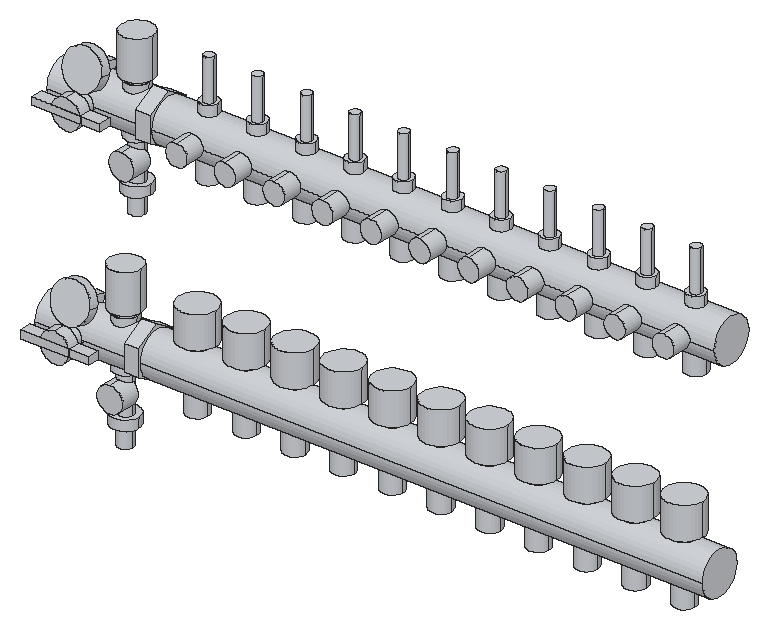
Revit family "318_f16c880827e94962872f661bd91b45", category Pipe Accessories, Revit 2017
Family settings
  Round Connector Dimension = Use Diameter
  Part Type = Valve - Normal
  Work Plane-Based = No
  Always vertical = Yes
  Cut with Voids When Loaded = No
  Shared = No
Parameters (values of type "R553FK111")
  magi_piping_qv_2_9 [instance] = 0.0 L/s
  magi_piping_qv_2_8 [instance] = 0.0 L/s
  magi_piping_qv_2_7 [instance] = 0.0 L/s
  magi_piping_qv_2_6 [instance] = 0.0 L/s
  magi_piping_qv_2_5 [instance] = 0.0 L/s
  magi_piping_qv_2_4 [instance] = 0.0 L/s
  magi_piping_qv_2_3 [instance] = 0.0 L/s
  magi_piping_qv_2_2 [instance] = 0.0 L/s
  magi_piping_qv_2_11 [instance] = 0.0 L/s
  magi_piping_qv_2_10 [instance] = 0.0 L/s
  magi_piping_qv_2_1 [instance] = 0.0 L/s
  magi_piping_qv_1_9 [instance] = 0.0 L/s
  magi_piping_qv_1_8 [instance] = 0.0 L/s
  magi_piping_qv_1_7 [instance] = 0.0 L/s
  magi_piping_qv_1_6 [instance] = 0.0 L/s
  magi_piping_qv_1_5 [instance] = 0.0 L/s
  magi_piping_qv_1_4 [instance] = 0.0 L/s
  magi_piping_qv_1_3 [instance] = 0.0 L/s
  magi_piping_qv_1_2 [instance] = 0.0 L/s
  magi_piping_qv_1_11 [instance] = 0.0 L/s
  magi_piping_qv_1_10 [instance] = 0.0 L/s
  magi_piping_qv_1_1 [instance] = 0.0 L/s
  magi_piping_qv [instance] = 0.0 L/s
  magi_piping_power_9 [instance] = 0 W
  magi_piping_power_8 [instance] = 0 W
  magi_piping_power_7 [instance] = 0 W
  magi_piping_power_6 [instance] = 0 W
  magi_piping_power_5 [instance] = 0 W
  magi_piping_power_4 [instance] = 0 W
  magi_piping_power_3 [instance] = 0 W
  magi_piping_power_2 [instance] = 0 W
  magi_piping_power_11 [instance] = 0 W
  magi_piping_power_10 [instance] = 0 W
  magi_piping_power_1 [instance] = 0 W
  magi_piping_kv_9 [instance] = 0
  magi_piping_kv_8 [instance] = 0
  magi_piping_kv_7 [instance] = 0
  magi_piping_kv_6 [instance] = 0
  magi_piping_kv_5 [instance] = 0
  magi_piping_kv_4 [instance] = 0
  magi_piping_kv_3 [instance] = 0
  magi_piping_kv_2 [instance] = 0
  magi_piping_kv_11 [instance] = 0
  magi_piping_kv_10 [instance] = 0
  magi_piping_kv_1 [instance] = 0
  magi_piping_dpTot_9 [instance] = 0.0 Pa
  magi_piping_dpTot_8 [instance] = 0.0 Pa
  magi_piping_dpTot_7 [instance] = 0.0 Pa
  magi_piping_dpTot_6 [instance] = 0.0 Pa
  magi_piping_dpTot_5 [instance] = 0.0 Pa
  magi_piping_dpTot_4 [instance] = 0.0 Pa
  magi_piping_dpTot_3 [instance] = 0.0 Pa
  magi_piping_dpTot_2 [instance] = 0.0 Pa
  magi_piping_dpTot_11 [instance] = 0.0 Pa
  magi_piping_dpTot_10 [instance] = 0.0 Pa
  magi_piping_dpTot_1 [instance] = 0.0 Pa
  magi_adjustmentValue_9 [instance] = ""
  magi_adjustmentValue_8 [instance] = ""
  magi_adjustmentValue_7 [instance] = ""
  magi_adjustmentValue_6 [instance] = ""
  magi_adjustmentValue_5 [instance] = ""
  magi_adjustmentValue_4 [instance] = ""
  magi_adjustmentValue_3 [instance] = ""
  magi_adjustmentValue_2 [instance] = ""
  magi_adjustmentValue_11 [instance] = ""
  magi_adjustmentValue_10 [instance] = ""
  magi_adjustmentValue_1 [instance] = ""
  magiProductId = "f16c880827e94962872f661bd91b45"
  magiProductFamilyId = "f16c880827e94962872f661bd91b45"
  magiProductCode = "R553FK111"
  magiPartTypeId = 318
  Y = 15 mm
  VersionID = "2.0/2016.10.37.0/GIACOMINI_R553FK_001"
  URL = "http://www.giacomini.com/en"
  SMP = 25 mm
  SBP9 = 18 mm
  SBP8 = 18 mm
  SBP7 = 18 mm
  SBP6 = 18 mm
  SBP5 = 18 mm
  SBP4 = 18 mm
  SBP3 = 18 mm
  SBP2 = 18 mm
  SBP12 = 18 mm
  SBP11 = 18 mm
  SBP10 = 18 mm
  SBP1 = 18 mm
  RMP = 25 mm
  RBP9 = 18 mm
  RBP8 = 18 mm
  RBP7 = 18 mm
  RBP6 = 18 mm
  RBP5 = 18 mm
  RBP4 = 18 mm
  RBP3 = 18 mm
  RBP2 = 18 mm
  RBP12 = 18 mm
  RBP11 = 18 mm
  RBP10 = 18 mm
  RBP1 = 18 mm
  R2 = 22 mm
  QmdConnectorList = "321;SMP;322;SBP1;323;SBP2;324;SBP3;325;SBP4;326;SBP5;327;SBP6;328;SBP7;329;SBP8;330;SBP9;331;SBP10;332;SBP11;351;RMP;352;RBP1;353;RBP2;354;RBP3;355;RBP4;356;RBP5;357;RBP6;358;RBP7;359;RBP8;360;RBP9;361;RBP10;362;RBP11"
  Productdata [instance] = "© Progman Oy, all rights reserved"
  N9 = yes
  N8 = yes
  N7 = yes
  N6 = yes
  N5 = yes
  N4 = yes
  N3 = yes
  N12 = no
  N11 = yes
  N10 = yes
  Manufacturer = "Giacomini"
  MC_Default_elevation = 0 mm
  L = 685 mm
  I = 50 mm
  H5 = 33 mm
  H4 = 5 mm
  H3__ve = -H3  # -40 mm
  H3 = 40 mm
  H2__ve = -H2  # -20 mm
  H2 = 20 mm
  H12 = 42 mm
  H11 = 10 mm
  Flow supply main [instance] = Flow supply 1 + Flow supply 2 + Flow supply 3 + Flow supply 4 + Flow supply 5 + Flow supply 6 + Flow supply 7 + Flow supply 8 + Flow supply 9 + Flow supply 10 + Flow supply 11  # 0.0 L/s
  Flow supply 9 [instance] = 0.0 L/s
  Flow supply 8 [instance] = 0.0 L/s
  Flow supply 7 [instance] = 0.0 L/s
  Flow supply 6 [instance] = 0.0 L/s
  Flow supply 5 [instance] = 0.0 L/s
  Flow supply 4 [instance] = 0.0 L/s
  Flow supply 3 [instance] = 0.0 L/s
  Flow supply 2 [instance] = 0.0 L/s
  Flow supply 11 [instance] = 0.0 L/s
  Flow supply 10 [instance] = 0.0 L/s
  Flow supply 1 [instance] = 0.0 L/s
  Flow return main [instance] = Flow return 1 + Flow return 2 + Flow return 3 + Flow return 4 + Flow return 5 + Flow return 6 + Flow return 7 + Flow return 8 + Flow return 9 + Flow return 10 + Flow return 11  # 0.0 L/s
  Flow return 9 [instance] = 0.0 L/s
  Flow return 8 [instance] = 0.0 L/s
  Flow return 7 [instance] = 0.0 L/s
  Flow return 6 [instance] = 0.0 L/s
  Flow return 5 [instance] = 0.0 L/s
  Flow return 4 [instance] = 0.0 L/s
  Flow return 3 [instance] = 0.0 L/s
  Flow return 2 [instance] = 0.0 L/s
  Flow return 11 [instance] = 0.0 L/s
  Flow return 10 [instance] = 0.0 L/s
  Flow return 1 [instance] = 0.0 L/s
  E = 208 mm
  Description = "PREASSEMBLED MANIFOLD KIT WITH FLOW METERS"
  D5 = 38 mm
  D4 = 22 mm
  D32 = 10 mm
  D31 = 18 mm
  D2 = 44 mm
  CAT0 = yes
  A = 149 mm
Reference planes
  plane 1 "Center (Front/Back)": y = 0
  plane 2 "XYPLANE": z = 0
  plane 3 "Center (Left/Right)": x = 0
  plane 4 "INIT_TEMP": y = 100
  plane 5 "414": y = -48
  plane 6 "413": z = -178
  plane 7 "412": y = -30
  plane 8 "411": z = -178
  plane 9 "410": z = -274
  plane 10 "409": z = -254
  plane 11 "408": z = -234
  plane 12 "407": z = -177
  plane 13 "406": z = -182
  plane 14 "405": y = -15
  plane 15 "404": z = 30
  plane 16 "403": y = -33
  plane 17 "402": x = 38
  plane 18 "401": z = 30
  plane 19 "400": z = -66
  plane 20 "399": z = -46
  plane 21 "398": z = -26
  plane 22 "397": z = 31
  plane 23 "396": x = 92
  plane 24 "395": z = 26
  plane 25 "394": x = 75
  plane 26 "393": z = -248
  plane 27 "392": z = -181
  plane 28 "391": z = -186
  plane 29 "390": z = -40
  plane 30 "389": x = 0
  plane 31 "388": y = 0
  plane 32 "387": y = -15
  plane 33 "386": z = -208
  plane 34 "385": z = 0
  plane 35 "384": z = 22
  plane 36 "383": x = 149
  plane 37 "382": x = 199
  plane 38 "381": y = -22
  plane 39 "380": x = 249
  plane 40 "379": z = 32
  plane 41 "378": x = 299
  plane 42 "377": x = 349
  plane 43 "376": x = 399
  plane 44 "375": x = 449
  plane 45 "374": x = 499
  plane 46 "373": x = 549
  plane 47 "372": x = 599
  plane 48 "371": x = 649
  plane 49 "370": x = 699
  plane 50 "1126": through (-712, -15, -178) normal (0, -0.2588, -0.9659)
  plane 51 "1127": through (-712, -30, -178) normal (0, 0.9659, -0.2588)
  plane 52 "1128": through (-712, -15, 30) normal (0, -0.9659, 0.2588)
  plane 53 "1129": through (-712, 0, 30) normal (0, 0.2588, 0.9659)
Forms (mm)
  Extrusion 1, solid
    sketch origin (750, -48, 0) x (-1, 0, 0) y (0, 0, 1)
      loop
        circle (712, -208) r 15
    from 0 to -12
  Extrusion 2, solid
    sketch origin (-712, -15, -178) x (1, 0, 0) y (0, -0.965926, 0.258819)
      loop
        line (746, -15) -> (754, -15) -> (754, 15) -> (746, 15) -> (746, -15)
    from 0 to 18
  Extrusion 3, solid
    sketch origin (750, -15, 0) x (-1, 0, 0) y (0, 0, 1)
      loop
        circle (712, -208) r 9
    from 0 to -33
  Extrusion 4, solid
    sketch origin (750, -48, 0) x (-1, 0, 0) y (0, 0, 1)
      loop
        line (677, -204) -> (677, -212) -> (747, -212) -> (747, -204) -> (677, -204)
    from 0 to -12
  Extrusion 5, solid
    sketch origin (-712, -30, -178) x (1, 0, 0) y (0, -0.258819, -0.965926)
      loop
        circle (750, 0) r 20
    from 0 to -10
  Extrusion 6, solid
    sketch origin (-750, 0, -182) x (1, 0, 0) y (0, 1, 0)
      loop
        circle (825, -15) r 12
    from 0 to -52
  Extrusion 7, solid
    sketch origin (92, -750, 0) x (0, 1, 0) y (0, 0, 1)
      loop
        line (735, -182) -> (712.483, -195) -> (712.483, -221) -> (735, -234) -> (757.517, -221) -> (757.517, -195) -> (735, -182)
    from 0 to 15
  Extrusion 8, solid
    sketch origin (-750, 0, -182) x (1, 0, 0) y (0, 1, 0)
      loop
        circle (825, -15) r 10
    from 0 to 5
  Extrusion 9, solid
    sketch origin (-750, 0, -177) x (1, 0, 0) y (0, 1, 0)
      loop
        circle (825, -15) r 16
    from 0 to 40
  Extrusion 10, solid
    sketch origin (-750, 0, -234) x (1, 0, 0) y (0, 1, 0)
      loop
        circle (825, -15) r 7.5
    from 0 to -70
  Extrusion 11, solid
    sketch origin (750, -15, 0) x (-1, 0, 0) y (0, 0, 1)
      loop
        circle (675, -254) r 13
    from 0 to -20
  Extrusion 12, solid
    sketch origin (-750, 0, -274) x (1, 0, 0) y (0, 1, 0)
      loop
        circle (825, -15) r 14
    from 0 to -10
  Extrusion 13, solid
    sketch origin (-712, -15, 30) x (1, 0, 0) y (0, 0.258819, 0.965926)
      loop
        circle (750, 0) r 20
    from 0 to 10
  Extrusion 14, solid
    sketch origin (750, -33, 0) x (-1, 0, 0) y (0, 0, 1)
      loop
        line (677, 4) -> (677, -4) -> (747, -4) -> (747, 4) -> (677, 4)
    from 0 to -12
  Extrusion 15, solid
    sketch origin (750, 0, 0) x (-1, 0, 0) y (0, 0, 1)
      loop
        circle (712, 0) r 9
    from 0 to -33
  Extrusion 16, solid
    sketch origin (-712, 0, 30) x (1, 0, 0) y (0, 0.965926, -0.258819)
      loop
        line (746, 15) -> (746, -15) -> (754, -15) -> (754, 15) -> (746, 15)
    from 0 to -18
  Extrusion 17, solid
    sketch origin (750, -33, 0) x (-1, 0, 0) y (0, 0, 1)
      loop
        circle (712, 0) r 15
    from 0 to -12
  Extrusion 18, solid
    sketch origin (-750, 0, -66) x (1, 0, 0) y (0, 1, 0)
      loop
        circle (825, 0) r 14
    from 0 to -10
  Extrusion 19, solid
    sketch origin (750, 0, 0) x (-1, 0, 0) y (0, 0, 1)
      loop
        circle (675, -46) r 13
    from 0 to -20
  Extrusion 20, solid
    sketch origin (-750, 0, -26) x (1, 0, 0) y (0, 1, 0)
      loop
        circle (825, 0) r 7.5
    from 0 to -70
  Extrusion 21, solid
    sketch origin (-750, 0, 31) x (1, 0, 0) y (0, 1, 0)
      loop
        circle (825, 0) r 16
    from 0 to 40
  Extrusion 22, solid
    sketch origin (-750, 0, 26) x (1, 0, 0) y (0, 1, 0)
      loop
        circle (825, 0) r 10
    from 0 to 5
  Extrusion 23, solid
    sketch origin (92, -750, 0) x (0, 1, 0) y (0, 0, 1)
      loop
        line (750, 26) -> (727.483, 13) -> (727.483, -13) -> (750, -26) -> (772.517, -13) -> (772.517, 13) -> (750, 26)
    from 0 to 15
  Extrusion 24, solid
    sketch origin (-750, 0, 26) x (1, 0, 0) y (0, 1, 0)
      loop
        circle (825, 0) r 12
    from 0 to -52
  Extrusion 25, solid, visible <- "N10"
    sketch origin (-750, 0, -208) x (1, 0, 0) y (0, 1, 0)
      loop
        circle (1349, -15) r 11
    from 0 to -40 <- "H3__ve"
  Extrusion 26, solid, visible <- "N10"
    sketch origin (-750, 0, -186) x (1, 0, 0) y (0, 1, 0)
      loop
        circle (1349, -15) r 11
    from 0 to 5 <- "H4"
  Extrusion 27, solid, visible <- "N10"
    sketch origin (-750, 0, -181) x (1, 0, 0) y (0, 1, 0)
      loop
        circle (1349, -15) r 19
    from 0 to 33 <- "H5"
  Extrusion 28, solid, visible <- "N12"
    sketch origin (-750, 0, -181) x (1, 0, 0) y (0, 1, 0)
      loop
        circle (1449, -15) r 19
    from 0 to 33 <- "H5"
  Extrusion 29, solid, visible <- "N12"
    sketch origin (-750, 0, -186) x (1, 0, 0) y (0, 1, 0)
      loop
        circle (1449, -15) r 11
    from 0 to 5 <- "H4"
  Extrusion 30, solid, visible <- "N12"
    sketch origin (-750, 0, -208) x (1, 0, 0) y (0, 1, 0)
      loop
        circle (1449, -15) r 11
    from 0 to -40 <- "H3__ve"
  Extrusion 31, solid, visible <- "N11"
    sketch origin (-750, 0, -208) x (1, 0, 0) y (0, 1, 0)
      loop
        circle (1399, -15) r 11
    from 0 to -40 <- "H3__ve"
  Extrusion 32, solid, visible <- "N11"
    sketch origin (-750, 0, -186) x (1, 0, 0) y (0, 1, 0)
      loop
        circle (1399, -15) r 11
    from 0 to 5 <- "H4"
  Extrusion 33, solid, visible <- "N11"
    sketch origin (-750, 0, -181) x (1, 0, 0) y (0, 1, 0)
      loop
        circle (1399, -15) r 19
    from 0 to 33 <- "H5"
  Extrusion 34, solid, visible <- "N8"
    sketch origin (-750, 0, -181) x (1, 0, 0) y (0, 1, 0)
      loop
        circle (1249, -15) r 19
    from 0 to 33 <- "H5"
  Extrusion 35, solid, visible <- "N8"
    sketch origin (-750, 0, -186) x (1, 0, 0) y (0, 1, 0)
      loop
        circle (1249, -15) r 11
    from 0 to 5 <- "H4"
  Extrusion 36, solid, visible <- "N8"
    sketch origin (-750, 0, -208) x (1, 0, 0) y (0, 1, 0)
      loop
        circle (1249, -15) r 11
    from 0 to -40 <- "H3__ve"
  Extrusion 37, solid, visible <- "N9"
    sketch origin (-750, 0, -208) x (1, 0, 0) y (0, 1, 0)
      loop
        circle (1299, -15) r 11
    from 0 to -40 <- "H3__ve"
  Extrusion 38, solid, visible <- "N9"
    sketch origin (-750, 0, -186) x (1, 0, 0) y (0, 1, 0)
      loop
        circle (1299, -15) r 11
    from 0 to 5 <- "H4"
  Extrusion 39, solid, visible <- "N9"
    sketch origin (-750, 0, -181) x (1, 0, 0) y (0, 1, 0)
      loop
        circle (1299, -15) r 19
    from 0 to 33 <- "H5"
  Extrusion 40, solid, visible <- "N7"
    sketch origin (-750, 0, -181) x (1, 0, 0) y (0, 1, 0)
      loop
        circle (1199, -15) r 19
    from 0 to 33 <- "H5"
  Extrusion 41, solid, visible <- "N7"
    sketch origin (-750, 0, -186) x (1, 0, 0) y (0, 1, 0)
      loop
        circle (1199, -15) r 11
    from 0 to 5 <- "H4"
  Extrusion 42, solid, visible <- "N7"
    sketch origin (-750, 0, -208) x (1, 0, 0) y (0, 1, 0)
      loop
        circle (1199, -15) r 11
    from 0 to -40 <- "H3__ve"
  Extrusion 43, solid, visible <- "N6"
    sketch origin (-750, 0, -208) x (1, 0, 0) y (0, 1, 0)
      loop
        circle (1149, -15) r 11
    from 0 to -40 <- "H3__ve"
  Extrusion 44, solid, visible <- "N6"
    sketch origin (-750, 0, -186) x (1, 0, 0) y (0, 1, 0)
      loop
        circle (1149, -15) r 11
    from 0 to 5 <- "H4"
  Extrusion 45, solid, visible <- "N6"
    sketch origin (-750, 0, -181) x (1, 0, 0) y (0, 1, 0)
      loop
        circle (1149, -15) r 19
    from 0 to 33 <- "H5"
  Extrusion 46, solid, visible <- "N5"
    sketch origin (-750, 0, -181) x (1, 0, 0) y (0, 1, 0)
      loop
        circle (1099, -15) r 19
    from 0 to 33 <- "H5"
  Extrusion 47, solid, visible <- "N5"
    sketch origin (-750, 0, -186) x (1, 0, 0) y (0, 1, 0)
      loop
        circle (1099, -15) r 11
    from 0 to 5 <- "H4"
  Extrusion 48, solid, visible <- "N5"
    sketch origin (-750, 0, -208) x (1, 0, 0) y (0, 1, 0)
      loop
        circle (1099, -15) r 11
    from 0 to -40 <- "H3__ve"
  Extrusion 49, solid, visible <- "N4"
    sketch origin (-750, 0, -208) x (1, 0, 0) y (0, 1, 0)
      loop
        circle (1049, -15) r 11
    from 0 to -40 <- "H3__ve"
  Extrusion 50, solid, visible <- "N4"
    sketch origin (-750, 0, -186) x (1, 0, 0) y (0, 1, 0)
      loop
        circle (1049, -15) r 11
    from 0 to 5 <- "H4"
  Extrusion 51, solid, visible <- "N4"
    sketch origin (-750, 0, -181) x (1, 0, 0) y (0, 1, 0)
      loop
        circle (1049, -15) r 19
    from 0 to 33 <- "H5"
  Extrusion 52, solid, visible <- "N3"
    sketch origin (-750, 0, -181) x (1, 0, 0) y (0, 1, 0)
      loop
        circle (999, -15) r 19
    from 0 to 33 <- "H5"
  Extrusion 53, solid, visible <- "N3"
    sketch origin (-750, 0, -186) x (1, 0, 0) y (0, 1, 0)
      loop
        circle (999, -15) r 11
    from 0 to 5 <- "H4"
  Extrusion 54, solid
    sketch origin (-750, 0, -186) x (1, 0, 0) y (0, 1, 0)
      loop
        circle (949, -15) r 11
    from 0 to 5 <- "H4"
  Extrusion 55, solid
    sketch origin (-750, 0, -181) x (1, 0, 0) y (0, 1, 0)
      loop
        circle (949, -15) r 19
    from 0 to 33 <- "H5"
  Extrusion 56, solid
    sketch origin (-750, 0, -181) x (1, 0, 0) y (0, 1, 0)
      loop
        circle (899, -15) r 19
    from 0 to 33 <- "H5"
  Extrusion 57, solid
    sketch origin (-750, 0, -186) x (1, 0, 0) y (0, 1, 0)
      loop
        circle (899, -15) r 11
    from 0 to 5 <- "H4"
  Extrusion 58, solid, visible <- "N3"
    sketch origin (-750, 0, -208) x (1, 0, 0) y (0, 1, 0)
      loop
        circle (999, -15) r 11
    from 0 to -40 <- "H3__ve"
  Extrusion 59, solid
    sketch origin (-750, 0, -208) x (1, 0, 0) y (0, 1, 0)
      loop
        circle (899, -15) r 11
    from 0 to -40 <- "H3__ve"
  Extrusion 60, solid
    sketch origin (-750, 0, -208) x (1, 0, 0) y (0, 1, 0)
      loop
        circle (949, -15) r 11
    from 0 to -40 <- "H3__ve"
  Extrusion 61, solid, visible <- "CAT0"
    sketch origin (0, -750, 0) x (0, 1, 0) y (0, 0, 1)
      loop
        circle (735, -208) r 22
    from 0 to 685 <- "L"
  Extrusion 62, solid, visible <- "N8"
    sketch origin (-750, 0, 0) x (1, 0, 0) y (0, 1, 0)
      loop
        circle (1249, 0) r 11
    from 0 to -40 <- "H3__ve"
  Extrusion 63, solid, visible <- "N9"
    sketch origin (-750, 0, 0) x (1, 0, 0) y (0, 1, 0)
      loop
        circle (1299, 0) r 11
    from 0 to -40 <- "H3__ve"
  Extrusion 64, solid, visible <- "N10"
    sketch origin (-750, 0, 0) x (1, 0, 0) y (0, 1, 0)
      loop
        circle (1349, 0) r 11
    from 0 to -40 <- "H3__ve"
  Extrusion 65, solid, visible <- "N11"
    sketch origin (-750, 0, 0) x (1, 0, 0) y (0, 1, 0)
      loop
        circle (1399, 0) r 11
    from 0 to -40 <- "H3__ve"
  Extrusion 66, solid, visible <- "N12"
    sketch origin (-750, 0, 0) x (1, 0, 0) y (0, 1, 0)
      loop
        circle (1449, 0) r 11
    from 0 to -40 <- "H3__ve"
  Extrusion 67, solid, visible <- "N7"
    sketch origin (-750, 0, 0) x (1, 0, 0) y (0, 1, 0)
      loop
        circle (1199, 0) r 11
    from 0 to -40 <- "H3__ve"
  Extrusion 68, solid, visible <- "N6"
    sketch origin (-750, 0, 0) x (1, 0, 0) y (0, 1, 0)
      loop
        circle (1149, 0) r 11
    from 0 to -40 <- "H3__ve"
  Extrusion 69, solid, visible <- "N5"
    sketch origin (-750, 0, 0) x (1, 0, 0) y (0, 1, 0)
      loop
        circle (1099, 0) r 11
    from 0 to -40 <- "H3__ve"
  Extrusion 70, solid, visible <- "N4"
    sketch origin (-750, 0, 0) x (1, 0, 0) y (0, 1, 0)
      loop
        circle (1049, 0) r 11
    from 0 to -40 <- "H3__ve"
  Extrusion 71, solid, visible <- "N3"
    sketch origin (-750, 0, 0) x (1, 0, 0) y (0, 1, 0)
      loop
        circle (999, 0) r 11
    from 0 to -40 <- "H3__ve"
  Extrusion 72, solid
    sketch origin (-750, 0, 0) x (1, 0, 0) y (0, 1, 0)
      loop
        circle (949, 0) r 11
    from 0 to -40 <- "H3__ve"
  Extrusion 73, solid
    sketch origin (-750, 0, 0) x (1, 0, 0) y (0, 1, 0)
      loop
        circle (899, 0) r 11
    from 0 to -40 <- "H3__ve"
  Extrusion 74, solid, visible <- "CAT0"
    sketch origin (0, -750, 0) x (0, 1, 0) y (0, 0, 1)
      loop
        circle (750, 0) r 22
    from 0 to 685 <- "L"
  Extrusion 75, solid
    sketch origin (-750, 0, 22) x (1, 0, 0) y (0, 1, 0)
      loop
        circle (899, 0) r 9
    from 0 to 10 <- "H11"
  Extrusion 76, solid
    sketch origin (750, -22, 0) x (-1, 0, 0) y (0, 0, 1)
      loop
        circle (601, 0) r 11
    from 0 to -20 <- "H2__ve"
  Extrusion 77, solid
    sketch origin (750, -22, 0) x (-1, 0, 0) y (0, 0, 1)
      loop
        circle (551, 0) r 11
    from 0 to -20 <- "H2__ve"
  Extrusion 78, solid, visible <- "N3"
    sketch origin (750, -22, 0) x (-1, 0, 0) y (0, 0, 1)
      loop
        circle (501, 0) r 11
    from 0 to -20 <- "H2__ve"
  Extrusion 79, solid
    sketch origin (-750, 0, 32) x (1, 0, 0) y (0, 1, 0)
      loop
        circle (899, 0) r 5
    from 0 to 42 <- "H12"
  Extrusion 80, solid
    sketch origin (-750, 0, 32) x (1, 0, 0) y (0, 1, 0)
      loop
        circle (949, 0) r 5
    from 0 to 42 <- "H12"
  Extrusion 81, solid
    sketch origin (-750, 0, 22) x (1, 0, 0) y (0, 1, 0)
      loop
        circle (949, 0) r 9
    from 0 to 10 <- "H11"
  Extrusion 82, solid, visible <- "N3"
    sketch origin (-750, 0, 22) x (1, 0, 0) y (0, 1, 0)
      loop
        circle (999, 0) r 9
    from 0 to 10 <- "H11"
  Extrusion 83, solid, visible <- "N3"
    sketch origin (-750, 0, 32) x (1, 0, 0) y (0, 1, 0)
      loop
        circle (999, 0) r 5
    from 0 to 42 <- "H12"
  Extrusion 84, solid, visible <- "N4"
    sketch origin (-750, 0, 32) x (1, 0, 0) y (0, 1, 0)
      loop
        circle (1049, 0) r 5
    from 0 to 42 <- "H12"
  Extrusion 85, solid, visible <- "N4"
    sketch origin (-750, 0, 22) x (1, 0, 0) y (0, 1, 0)
      loop
        circle (1049, 0) r 9
    from 0 to 10 <- "H11"
  Extrusion 86, solid, visible <- "N4"
    sketch origin (750, -22, 0) x (-1, 0, 0) y (0, 0, 1)
      loop
        circle (451, 0) r 11
    from 0 to -20 <- "H2__ve"
  Extrusion 87, solid, visible <- "N5"
    sketch origin (750, -22, 0) x (-1, 0, 0) y (0, 0, 1)
      loop
        circle (401, 0) r 11
    from 0 to -20 <- "H2__ve"
  Extrusion 88, solid, visible <- "N5"
    sketch origin (-750, 0, 22) x (1, 0, 0) y (0, 1, 0)
      loop
        circle (1099, 0) r 9
    from 0 to 10 <- "H11"
  Extrusion 89, solid, visible <- "N5"
    sketch origin (-750, 0, 32) x (1, 0, 0) y (0, 1, 0)
      loop
        circle (1099, 0) r 5
    from 0 to 42 <- "H12"
  Extrusion 90, solid, visible <- "N6"
    sketch origin (-750, 0, 32) x (1, 0, 0) y (0, 1, 0)
      loop
        circle (1149, 0) r 5
    from 0 to 42 <- "H12"
  Extrusion 91, solid, visible <- "N6"
    sketch origin (-750, 0, 22) x (1, 0, 0) y (0, 1, 0)
      loop
        circle (1149, 0) r 9
    from 0 to 10 <- "H11"
  Extrusion 92, solid, visible <- "N6"
    sketch origin (750, -22, 0) x (-1, 0, 0) y (0, 0, 1)
      loop
        circle (351, 0) r 11
    from 0 to -20 <- "H2__ve"
  Extrusion 93, solid, visible <- "N7"
    sketch origin (750, -22, 0) x (-1, 0, 0) y (0, 0, 1)
      loop
        circle (301, 0) r 11
    from 0 to -20 <- "H2__ve"
  Extrusion 94, solid, visible <- "N7"
    sketch origin (-750, 0, 22) x (1, 0, 0) y (0, 1, 0)
      loop
        circle (1199, 0) r 9
    from 0 to 10 <- "H11"
  Extrusion 95, solid, visible <- "N7"
    sketch origin (-750, 0, 32) x (1, 0, 0) y (0, 1, 0)
      loop
        circle (1199, 0) r 5
    from 0 to 42 <- "H12"
  Extrusion 96, solid, visible <- "N8"
    sketch origin (-750, 0, 32) x (1, 0, 0) y (0, 1, 0)
      loop
        circle (1249, 0) r 5
    from 0 to 42 <- "H12"
  Extrusion 97, solid, visible <- "N8"
    sketch origin (-750, 0, 22) x (1, 0, 0) y (0, 1, 0)
      loop
        circle (1249, 0) r 9
    from 0 to 10 <- "H11"
  Extrusion 98, solid, visible <- "N8"
    sketch origin (750, -22, 0) x (-1, 0, 0) y (0, 0, 1)
      loop
        circle (251, 0) r 11
    from 0 to -20 <- "H2__ve"
  Extrusion 99, solid, visible <- "N10"
    sketch origin (750, -22, 0) x (-1, 0, 0) y (0, 0, 1)
      loop
        circle (151, 0) r 11
    from 0 to -20 <- "H2__ve"
  Extrusion 100, solid, visible <- "N10"
    sketch origin (-750, 0, 22) x (1, 0, 0) y (0, 1, 0)
      loop
        circle (1349, 0) r 9
    from 0 to 10 <- "H11"
  Extrusion 101, solid, visible <- "N10"
    sketch origin (-750, 0, 32) x (1, 0, 0) y (0, 1, 0)
      loop
        circle (1349, 0) r 5
    from 0 to 42 <- "H12"
  Extrusion 102, solid, visible <- "N9"
    sketch origin (-750, 0, 32) x (1, 0, 0) y (0, 1, 0)
      loop
        circle (1299, 0) r 5
    from 0 to 42 <- "H12"
  Extrusion 103, solid, visible <- "N9"
    sketch origin (-750, 0, 22) x (1, 0, 0) y (0, 1, 0)
      loop
        circle (1299, 0) r 9
    from 0 to 10 <- "H11"
  Extrusion 104, solid, visible <- "N9"
    sketch origin (750, -22, 0) x (-1, 0, 0) y (0, 0, 1)
      loop
        circle (201, 0) r 11
    from 0 to -20 <- "H2__ve"
  Extrusion 105, solid, visible <- "N11"
    sketch origin (-750, 0, 32) x (1, 0, 0) y (0, 1, 0)
      loop
        circle (1399, 0) r 5
    from 0 to 42 <- "H12"
  Extrusion 106, solid, visible <- "N11"
    sketch origin (-750, 0, 22) x (1, 0, 0) y (0, 1, 0)
      loop
        circle (1399, 0) r 9
    from 0 to 10 <- "H11"
  Extrusion 107, solid, visible <- "N11"
    sketch origin (750, -22, 0) x (-1, 0, 0) y (0, 0, 1)
      loop
        circle (101, 0) r 11
    from 0 to -20 <- "H2__ve"
  Extrusion 108, solid, visible <- "N12"
    sketch origin (750, -22, 0) x (-1, 0, 0) y (0, 0, 1)
      loop
        circle (51, 0) r 11
    from 0 to -20 <- "H2__ve"
  Extrusion 109, solid, visible <- "N12"
    sketch origin (-750, 0, 22) x (1, 0, 0) y (0, 1, 0)
      loop
        circle (1449, 0) r 9
    from 0 to 10 <- "H11"
  Extrusion 110, solid, visible <- "N12"
    sketch origin (-750, 0, 32) x (1, 0, 0) y (0, 1, 0)
      loop
        circle (1449, 0) r 5
    from 0 to 42 <- "H12"
  Extrusion 111, solid, not visible
    sketch origin (-750, 0, -248) x (1, 0, 0) y (0, 1, 0)
      loop
        circle (1349, -15) r 10
    from 0 to 10
  Extrusion 112, solid, not visible
    sketch origin (-750, 0, -248) x (1, 0, 0) y (0, 1, 0)
      loop
        circle (1399, -15) r 10
    from 0 to 10
  Extrusion 113, solid, not visible
    sketch origin (-750, 0, -248) x (1, 0, 0) y (0, 1, 0)
      loop
        circle (1249, -15) r 10
    from 0 to 10
  Extrusion 114, solid, not visible
    sketch origin (-750, 0, -248) x (1, 0, 0) y (0, 1, 0)
      loop
        circle (1299, -15) r 10
    from 0 to 10
  Extrusion 115, solid, not visible
    sketch origin (-750, 0, -248) x (1, 0, 0) y (0, 1, 0)
      loop
        circle (1199, -15) r 10
    from 0 to 10
  Extrusion 116, solid, not visible
    sketch origin (-750, 0, -248) x (1, 0, 0) y (0, 1, 0)
      loop
        circle (1149, -15) r 10
    from 0 to 10
  Extrusion 117, solid, not visible
    sketch origin (-750, 0, -248) x (1, 0, 0) y (0, 1, 0)
      loop
        circle (1099, -15) r 10
    from 0 to 10
  Extrusion 118, solid, not visible
    sketch origin (-750, 0, -248) x (1, 0, 0) y (0, 1, 0)
      loop
        circle (1049, -15) r 10
    from 0 to 10
  Extrusion 119, solid, not visible
    sketch origin (-750, 0, -248) x (1, 0, 0) y (0, 1, 0)
      loop
        circle (949, -15) r 10
    from 0 to 10
  Extrusion 120, solid, not visible
    sketch origin (-750, 0, -248) x (1, 0, 0) y (0, 1, 0)
      loop
        circle (899, -15) r 10
    from 0 to 10
  Extrusion 121, solid, not visible
    sketch origin (-750, 0, -248) x (1, 0, 0) y (0, 1, 0)
      loop
        circle (999, -15) r 10
    from 0 to 10
  Extrusion 122, solid, not visible
    sketch origin (-750, 0, -40) x (1, 0, 0) y (0, 1, 0)
      loop
        circle (1249, 0) r 10
    from 0 to 10
  Extrusion 123, solid, not visible
    sketch origin (-750, 0, -40) x (1, 0, 0) y (0, 1, 0)
      loop
        circle (1299, 0) r 10
    from 0 to 10
  Extrusion 124, solid, not visible
    sketch origin (-750, 0, -40) x (1, 0, 0) y (0, 1, 0)
      loop
        circle (1349, 0) r 10
    from 0 to 10
  Extrusion 125, solid, not visible
    sketch origin (-750, 0, -40) x (1, 0, 0) y (0, 1, 0)
      loop
        circle (1399, 0) r 10
    from 0 to 10
  Extrusion 126, solid, not visible
    sketch origin (-750, 0, -40) x (1, 0, 0) y (0, 1, 0)
      loop
        circle (1199, 0) r 10
    from 0 to 10
  Extrusion 127, solid, not visible
    sketch origin (-750, 0, -40) x (1, 0, 0) y (0, 1, 0)
      loop
        circle (1149, 0) r 10
    from 0 to 10
  Extrusion 128, solid, not visible
    sketch origin (-750, 0, -40) x (1, 0, 0) y (0, 1, 0)
      loop
        circle (1099, 0) r 10
    from 0 to 10
  Extrusion 129, solid, not visible
    sketch origin (-750, 0, -40) x (1, 0, 0) y (0, 1, 0)
      loop
        circle (1049, 0) r 10
    from 0 to 10
  Extrusion 130, solid, not visible
    sketch origin (-750, 0, -40) x (1, 0, 0) y (0, 1, 0)
      loop
        circle (999, 0) r 10
    from 0 to 10
  Extrusion 131, solid, not visible
    sketch origin (0, -750, 0) x (0, 1, 0) y (0, 0, 1)
      loop
        circle (750, 0) r 10
    from 0 to 10
  Extrusion 132, solid, not visible
    sketch origin (0, -750, 0) x (0, 1, 0) y (0, 0, 1)
      loop
        circle (735, -208) r 10
    from 0 to 10
  Extrusion 133, solid, not visible
    sketch origin (-750, 0, -40) x (1, 0, 0) y (0, 1, 0)
      loop
        circle (899, 0) r 10
    from 0 to 10
  Extrusion 134, solid, not visible
    sketch origin (-750, 0, -40) x (1, 0, 0) y (0, 1, 0)
      loop
        circle (949, 0) r 10
    from 0 to 10
Text (mm)
  text "© Progman Oy, all rights reserved" at (-472.209, -2482.653, 0), in view "Ref. Level"
Dimensions and locks
  plane 4 "INIT_TEMP" to plane 1 "Center (Front/Back)" = 100 mm
  locked: plane 32 "387" to plane 5 "414" at 33
  locked: plane 33 "386" to plane 6 "413" at 30
  locked: plane 32 "387" to plane 7 "412" at 15
  locked: plane 33 "386" to plane 8 "411" at 30
  locked: plane 11 "408" to plane 9 "410" at 40
  locked: plane 11 "408" to plane 10 "409" at 20
  locked: plane 13 "406" to plane 11 "408" at 52
  locked: plane 13 "406" to plane 12 "407" at 5
  locked: plane 33 "386" to plane 13 "406" at 26
  locked: plane 1 "Center (Front/Back)" to plane 14 "405" at 15
  locked: plane 2 "XYPLANE" to plane 15 "404" at 30
  locked: plane 1 "Center (Front/Back)" to plane 16 "403" at 33
  locked: plane 3 "Center (Left/Right)" to plane 17 "402" at 38
  locked: plane 2 "XYPLANE" to plane 18 "401" at 30
  locked: plane 21 "398" to plane 19 "400" at 40
  locked: plane 21 "398" to plane 20 "399" at 20
  locked: plane 24 "395" to plane 21 "398" at 52
  locked: plane 24 "395" to plane 22 "397" at 5
  locked: plane 25 "394" to plane 23 "396" at 17
  locked: plane 2 "XYPLANE" to plane 24 "395" at 26
  locked: plane 3 "Center (Left/Right)" to plane 25 "394" at 75
  "H3": plane 33 "386" to plane 26 "393"
  "H4": plane 28 "391" to plane 27 "392"
  "R2": plane 33 "386" to plane 28 "391"
  "H3": plane 2 "XYPLANE" to plane 29 "390"
  locked: plane 3 "Center (Left/Right)" to plane 30 "389"
  locked: plane 1 "Center (Front/Back)" to plane 31 "388"
  "Y": plane 1 "Center (Front/Back)" to plane 32 "387"
  "E": plane 2 "XYPLANE" to plane 33 "386"
  locked: plane 2 "XYPLANE" to plane 34 "385"
  "R2": plane 2 "XYPLANE" to plane 35 "384"
  "A": plane 3 "Center (Left/Right)" to plane 36 "383"
  "I": plane 36 "383" to plane 37 "382"
  "R2": plane 1 "Center (Front/Back)" to plane 38 "381"
  "I": plane 37 "382" to plane 39 "380"
  "H11": plane 35 "384" to plane 40 "379"
  "I": plane 39 "380" to plane 41 "378"
  "I": plane 41 "378" to plane 42 "377"
  "I": plane 42 "377" to plane 43 "376"
  "I": plane 43 "376" to plane 44 "375"
  "I": plane 44 "375" to plane 45 "374"
  "I": plane 45 "374" to plane 46 "373"
  "I": plane 46 "373" to plane 47 "372"
  "I": plane 47 "372" to plane 48 "371"
  "I": plane 48 "371" to plane 49 "370"
  "D4": diameter of Extrusion 25 sketch curve
  "D4": diameter of Extrusion 26 sketch curve
  "D5": diameter of Extrusion 27 sketch curve
  "D5": diameter of Extrusion 28 sketch curve
  "D4": diameter of Extrusion 29 sketch curve
  "D4": diameter of Extrusion 30 sketch curve
  "D4": diameter of Extrusion 31 sketch curve
  "D4": diameter of Extrusion 32 sketch curve
  "D5": diameter of Extrusion 33 sketch curve
  "D5": diameter of Extrusion 34 sketch curve
  "D4": diameter of Extrusion 35 sketch curve
  "D4": diameter of Extrusion 36 sketch curve
  "D4": diameter of Extrusion 37 sketch curve
  "D4": diameter of Extrusion 38 sketch curve
  "D5": diameter of Extrusion 39 sketch curve
  "D5": diameter of Extrusion 40 sketch curve
  "D4": diameter of Extrusion 41 sketch curve
  "D4": diameter of Extrusion 42 sketch curve
  "D4": diameter of Extrusion 43 sketch curve
  "D4": diameter of Extrusion 44 sketch curve
  "D5": diameter of Extrusion 45 sketch curve
  "D5": diameter of Extrusion 46 sketch curve
  "D4": diameter of Extrusion 47 sketch curve
  "D4": diameter of Extrusion 48 sketch curve
  "D4": diameter of Extrusion 49 sketch curve
  "D4": diameter of Extrusion 50 sketch curve
  "D5": diameter of Extrusion 51 sketch curve
  "D5": diameter of Extrusion 52 sketch curve
  "D4": diameter of Extrusion 53 sketch curve
  "D4": diameter of Extrusion 54 sketch curve
  "D5": diameter of Extrusion 55 sketch curve
  "D5": diameter of Extrusion 56 sketch curve
  "D4": diameter of Extrusion 57 sketch curve
  "D4": diameter of Extrusion 58 sketch curve
  "D4": diameter of Extrusion 59 sketch curve
  "D4": diameter of Extrusion 60 sketch curve
  "D2": diameter of Extrusion 61 sketch curve
  "D4": diameter of Extrusion 62 sketch curve
  "D4": diameter of Extrusion 63 sketch curve
  "D4": diameter of Extrusion 64 sketch curve
  "D4": diameter of Extrusion 65 sketch curve
  "D4": diameter of Extrusion 66 sketch curve
  "D4": diameter of Extrusion 67 sketch curve
  "D4": diameter of Extrusion 68 sketch curve
  "D4": diameter of Extrusion 69 sketch curve
  "D4": diameter of Extrusion 70 sketch curve
  "D4": diameter of Extrusion 71 sketch curve
  "D4": diameter of Extrusion 72 sketch curve
  "D4": diameter of Extrusion 73 sketch curve
  "D2": diameter of Extrusion 74 sketch curve
  "D31": diameter of Extrusion 75 sketch curve
  "D4": diameter of Extrusion 76 sketch curve
  "D4": diameter of Extrusion 77 sketch curve
  "D4": diameter of Extrusion 78 sketch curve
  "D32": diameter of Extrusion 79 sketch curve
  "D32": diameter of Extrusion 80 sketch curve
  "D31": diameter of Extrusion 81 sketch curve
  "D31": diameter of Extrusion 82 sketch curve
  "D32": diameter of Extrusion 83 sketch curve
  "D32": diameter of Extrusion 84 sketch curve
  "D31": diameter of Extrusion 85 sketch curve
  "D4": diameter of Extrusion 86 sketch curve
  "D4": diameter of Extrusion 87 sketch curve
  "D31": diameter of Extrusion 88 sketch curve
  "D32": diameter of Extrusion 89 sketch curve
  "D32": diameter of Extrusion 90 sketch curve
  "D31": diameter of Extrusion 91 sketch curve
  "D4": diameter of Extrusion 92 sketch curve
  "D4": diameter of Extrusion 93 sketch curve
  "D31": diameter of Extrusion 94 sketch curve
  "D32": diameter of Extrusion 95 sketch curve
  "D32": diameter of Extrusion 96 sketch curve
  "D31": diameter of Extrusion 97 sketch curve
  "D4": diameter of Extrusion 98 sketch curve
  "D4": diameter of Extrusion 99 sketch curve
  "D31": diameter of Extrusion 100 sketch curve
  "D32": diameter of Extrusion 101 sketch curve
  "D32": diameter of Extrusion 102 sketch curve
  "D31": diameter of Extrusion 103 sketch curve
  "D4": diameter of Extrusion 104 sketch curve
  "D32": diameter of Extrusion 105 sketch curve
  "D31": diameter of Extrusion 106 sketch curve
  "D4": diameter of Extrusion 107 sketch curve
  "D4": diameter of Extrusion 108 sketch curve
  "D31": diameter of Extrusion 109 sketch curve
  "D32": diameter of Extrusion 110 sketch curve
  aligned and locked: level to plane 2 "XYPLANE"
  aligned and locked: plane 17 "402" to Extrusion 1 sketch curve
  aligned and locked: plane 33 "386" to Extrusion 1 sketch curve
  aligned and locked: plane 17 "402" to Extrusion 3 sketch curve
  aligned and locked: plane 33 "386" to Extrusion 3 sketch curve
  aligned and locked: plane 17 "402" to Extrusion 5 sketch curve
  aligned and locked: plane 25 "394" to Extrusion 6 sketch curve
  aligned and locked: plane 32 "387" to Extrusion 6 sketch curve
  aligned and locked: plane 25 "394" to Extrusion 8 sketch curve
  aligned and locked: plane 32 "387" to Extrusion 8 sketch curve
  aligned and locked: plane 25 "394" to Extrusion 9 sketch curve
  aligned and locked: plane 32 "387" to Extrusion 9 sketch curve
  aligned and locked: plane 25 "394" to Extrusion 10 sketch curve
  aligned and locked: plane 32 "387" to Extrusion 10 sketch curve
  aligned and locked: plane 10 "409" to Extrusion 11 sketch curve
  aligned and locked: plane 25 "394" to Extrusion 11 sketch curve
  aligned and locked: plane 25 "394" to Extrusion 12 sketch curve
  aligned and locked: plane 32 "387" to Extrusion 12 sketch curve
  aligned and locked: plane 17 "402" to Extrusion 13 sketch curve
  aligned and locked: plane 17 "402" to Extrusion 15 sketch curve
  aligned and locked: plane 34 "385" to Extrusion 15 sketch curve
  aligned and locked: plane 17 "402" to Extrusion 17 sketch curve
  aligned and locked: plane 34 "385" to Extrusion 17 sketch curve
  aligned and locked: plane 25 "394" to Extrusion 18 sketch curve
  aligned and locked: plane 31 "388" to Extrusion 18 sketch curve
  aligned and locked: plane 20 "399" to Extrusion 19 sketch curve
  aligned and locked: plane 25 "394" to Extrusion 19 sketch curve
  aligned and locked: plane 25 "394" to Extrusion 20 sketch curve
  aligned and locked: plane 31 "388" to Extrusion 20 sketch curve
  aligned and locked: plane 25 "394" to Extrusion 21 sketch curve
  aligned and locked: plane 31 "388" to Extrusion 21 sketch curve
  aligned and locked: plane 25 "394" to Extrusion 22 sketch curve
  aligned and locked: plane 31 "388" to Extrusion 22 sketch curve
  aligned and locked: plane 25 "394" to Extrusion 24 sketch curve
  aligned and locked: plane 31 "388" to Extrusion 24 sketch curve
  aligned and locked: plane 32 "387" to Extrusion 25 sketch curve
  aligned and locked: plane 47 "372" to Extrusion 25 sketch curve
  aligned and locked: plane 32 "387" to Extrusion 26 sketch curve
  aligned and locked: plane 47 "372" to Extrusion 26 sketch curve
  aligned and locked: plane 32 "387" to Extrusion 27 sketch curve
  aligned and locked: plane 47 "372" to Extrusion 27 sketch curve
  aligned and locked: plane 32 "387" to Extrusion 28 sketch curve
  aligned and locked: plane 49 "370" to Extrusion 28 sketch curve
  aligned and locked: plane 32 "387" to Extrusion 29 sketch curve
  aligned and locked: plane 49 "370" to Extrusion 29 sketch curve
  aligned and locked: plane 32 "387" to Extrusion 30 sketch curve
  aligned and locked: plane 49 "370" to Extrusion 30 sketch curve
  aligned and locked: plane 32 "387" to Extrusion 31 sketch curve
  aligned and locked: plane 48 "371" to Extrusion 31 sketch curve
  aligned and locked: plane 32 "387" to Extrusion 32 sketch curve
  aligned and locked: plane 48 "371" to Extrusion 32 sketch curve
  aligned and locked: plane 32 "387" to Extrusion 33 sketch curve
  aligned and locked: plane 48 "371" to Extrusion 33 sketch curve
  aligned and locked: plane 32 "387" to Extrusion 34 sketch curve
  aligned and locked: plane 45 "374" to Extrusion 34 sketch curve
  aligned and locked: plane 32 "387" to Extrusion 35 sketch curve
  aligned and locked: plane 45 "374" to Extrusion 35 sketch curve
  aligned and locked: plane 32 "387" to Extrusion 36 sketch curve
  aligned and locked: plane 45 "374" to Extrusion 36 sketch curve
  aligned and locked: plane 32 "387" to Extrusion 37 sketch curve
  aligned and locked: plane 46 "373" to Extrusion 37 sketch curve
  aligned and locked: plane 32 "387" to Extrusion 38 sketch curve
  aligned and locked: plane 46 "373" to Extrusion 38 sketch curve
  aligned and locked: plane 32 "387" to Extrusion 39 sketch curve
  aligned and locked: plane 46 "373" to Extrusion 39 sketch curve
  aligned and locked: plane 32 "387" to Extrusion 40 sketch curve
  aligned and locked: plane 44 "375" to Extrusion 40 sketch curve
  aligned and locked: plane 32 "387" to Extrusion 41 sketch curve
  aligned and locked: plane 44 "375" to Extrusion 41 sketch curve
  aligned and locked: plane 32 "387" to Extrusion 42 sketch curve
  aligned and locked: plane 44 "375" to Extrusion 42 sketch curve
  aligned and locked: plane 32 "387" to Extrusion 43 sketch curve
  aligned and locked: plane 43 "376" to Extrusion 43 sketch curve
  aligned and locked: plane 32 "387" to Extrusion 44 sketch curve
  aligned and locked: plane 43 "376" to Extrusion 44 sketch curve
  aligned and locked: plane 32 "387" to Extrusion 45 sketch curve
  aligned and locked: plane 43 "376" to Extrusion 45 sketch curve
  aligned and locked: plane 32 "387" to Extrusion 46 sketch curve
  aligned and locked: plane 42 "377" to Extrusion 46 sketch curve
  aligned and locked: plane 32 "387" to Extrusion 47 sketch curve
  aligned and locked: plane 42 "377" to Extrusion 47 sketch curve
  aligned and locked: plane 32 "387" to Extrusion 48 sketch curve
  aligned and locked: plane 42 "377" to Extrusion 48 sketch curve
  aligned and locked: plane 32 "387" to Extrusion 49 sketch curve
  aligned and locked: plane 41 "378" to Extrusion 49 sketch curve
  aligned and locked: plane 32 "387" to Extrusion 50 sketch curve
  aligned and locked: plane 41 "378" to Extrusion 50 sketch curve
  aligned and locked: plane 32 "387" to Extrusion 51 sketch curve
  aligned and locked: plane 41 "378" to Extrusion 51 sketch curve
  aligned and locked: plane 32 "387" to Extrusion 52 sketch curve
  aligned and locked: plane 39 "380" to Extrusion 52 sketch curve
  aligned and locked: plane 32 "387" to Extrusion 53 sketch curve
  aligned and locked: plane 39 "380" to Extrusion 53 sketch curve
  aligned and locked: plane 32 "387" to Extrusion 54 sketch curve
  aligned and locked: plane 37 "382" to Extrusion 54 sketch curve
  aligned and locked: plane 32 "387" to Extrusion 55 sketch curve
  aligned and locked: plane 37 "382" to Extrusion 55 sketch curve
  aligned and locked: plane 32 "387" to Extrusion 56 sketch curve
  aligned and locked: plane 36 "383" to Extrusion 56 sketch curve
  aligned and locked: plane 32 "387" to Extrusion 57 sketch curve
  aligned and locked: plane 36 "383" to Extrusion 57 sketch curve
  aligned and locked: plane 32 "387" to Extrusion 58 sketch curve
  aligned and locked: plane 39 "380" to Extrusion 58 sketch curve
  aligned and locked: plane 32 "387" to Extrusion 59 sketch curve
  aligned and locked: plane 36 "383" to Extrusion 59 sketch curve
  aligned and locked: plane 32 "387" to Extrusion 60 sketch curve
  aligned and locked: plane 37 "382" to Extrusion 60 sketch curve
  aligned and locked: Extrusion 61 sketch curve to plane 32 "387"
  aligned and locked: plane 33 "386" to Extrusion 61 sketch curve
  aligned and locked: plane 31 "388" to Extrusion 62 sketch curve
  aligned and locked: plane 45 "374" to Extrusion 62 sketch curve
  aligned and locked: plane 31 "388" to Extrusion 63 sketch curve
  aligned and locked: plane 46 "373" to Extrusion 63 sketch curve
  aligned and locked: plane 31 "388" to Extrusion 64 sketch curve
  aligned and locked: plane 47 "372" to Extrusion 64 sketch curve
  aligned and locked: plane 31 "388" to Extrusion 65 sketch curve
  aligned and locked: plane 48 "371" to Extrusion 65 sketch curve
  aligned and locked: plane 31 "388" to Extrusion 66 sketch curve
  aligned and locked: plane 49 "370" to Extrusion 66 sketch curve
  aligned and locked: plane 31 "388" to Extrusion 67 sketch curve
  aligned and locked: plane 44 "375" to Extrusion 67 sketch curve
  aligned and locked: plane 31 "388" to Extrusion 68 sketch curve
  aligned and locked: plane 43 "376" to Extrusion 68 sketch curve
  aligned and locked: plane 31 "388" to Extrusion 69 sketch curve
  aligned and locked: plane 42 "377" to Extrusion 69 sketch curve
  aligned and locked: plane 31 "388" to Extrusion 70 sketch curve
  aligned and locked: plane 41 "378" to Extrusion 70 sketch curve
  aligned and locked: plane 31 "388" to Extrusion 71 sketch curve
  aligned and locked: plane 39 "380" to Extrusion 71 sketch curve
  aligned and locked: plane 31 "388" to Extrusion 72 sketch curve
  aligned and locked: plane 37 "382" to Extrusion 72 sketch curve
  aligned and locked: plane 31 "388" to Extrusion 73 sketch curve
  aligned and locked: plane 36 "383" to Extrusion 73 sketch curve
  aligned and locked: Extrusion 74 sketch curve to plane 31 "388"
  aligned and locked: plane 34 "385" to Extrusion 74 sketch curve
  aligned and locked: plane 31 "388" to Extrusion 75 sketch curve
  aligned and locked: plane 36 "383" to Extrusion 75 sketch curve
  aligned and locked: plane 34 "385" to Extrusion 76 sketch curve
  aligned and locked: plane 36 "383" to Extrusion 76 sketch curve
  aligned and locked: plane 34 "385" to Extrusion 77 sketch curve
  aligned and locked: plane 37 "382" to Extrusion 77 sketch curve
  aligned and locked: plane 34 "385" to Extrusion 78 sketch curve
  aligned and locked: plane 39 "380" to Extrusion 78 sketch curve
  aligned and locked: plane 31 "388" to Extrusion 79 sketch curve
  aligned and locked: plane 36 "383" to Extrusion 79 sketch curve
  aligned and locked: plane 31 "388" to Extrusion 80 sketch curve
  aligned and locked: plane 37 "382" to Extrusion 80 sketch curve
  aligned and locked: plane 31 "388" to Extrusion 81 sketch curve
  aligned and locked: plane 37 "382" to Extrusion 81 sketch curve
  aligned and locked: plane 31 "388" to Extrusion 82 sketch curve
  aligned and locked: plane 39 "380" to Extrusion 82 sketch curve
  aligned and locked: plane 31 "388" to Extrusion 83 sketch curve
  aligned and locked: plane 39 "380" to Extrusion 83 sketch curve
  aligned and locked: plane 31 "388" to Extrusion 84 sketch curve
  aligned and locked: plane 41 "378" to Extrusion 84 sketch curve
  aligned and locked: plane 31 "388" to Extrusion 85 sketch curve
  aligned and locked: plane 41 "378" to Extrusion 85 sketch curve
  aligned and locked: plane 34 "385" to Extrusion 86 sketch curve
  aligned and locked: plane 41 "378" to Extrusion 86 sketch curve
  aligned and locked: plane 34 "385" to Extrusion 87 sketch curve
  aligned and locked: plane 42 "377" to Extrusion 87 sketch curve
  aligned and locked: plane 31 "388" to Extrusion 88 sketch curve
  aligned and locked: plane 42 "377" to Extrusion 88 sketch curve
  aligned and locked: plane 31 "388" to Extrusion 89 sketch curve
  aligned and locked: plane 42 "377" to Extrusion 89 sketch curve
  aligned and locked: plane 31 "388" to Extrusion 90 sketch curve
  aligned and locked: plane 43 "376" to Extrusion 90 sketch curve
  aligned and locked: plane 31 "388" to Extrusion 91 sketch curve
  aligned and locked: plane 43 "376" to Extrusion 91 sketch curve
  aligned and locked: plane 34 "385" to Extrusion 92 sketch curve
  aligned and locked: plane 43 "376" to Extrusion 92 sketch curve
  aligned and locked: plane 34 "385" to Extrusion 93 sketch curve
  aligned and locked: plane 44 "375" to Extrusion 93 sketch curve
  aligned and locked: plane 31 "388" to Extrusion 94 sketch curve
  aligned and locked: plane 44 "375" to Extrusion 94 sketch curve
  aligned and locked: plane 31 "388" to Extrusion 95 sketch curve
  aligned and locked: plane 44 "375" to Extrusion 95 sketch curve
  aligned and locked: plane 31 "388" to Extrusion 96 sketch curve
  aligned and locked: plane 45 "374" to Extrusion 96 sketch curve
  aligned and locked: plane 31 "388" to Extrusion 97 sketch curve
  aligned and locked: plane 45 "374" to Extrusion 97 sketch curve
  aligned and locked: plane 34 "385" to Extrusion 98 sketch curve
  aligned and locked: plane 45 "374" to Extrusion 98 sketch curve
  aligned and locked: plane 34 "385" to Extrusion 99 sketch curve
  aligned and locked: plane 47 "372" to Extrusion 99 sketch curve
  aligned and locked: plane 31 "388" to Extrusion 100 sketch curve
  aligned and locked: plane 47 "372" to Extrusion 100 sketch curve
  aligned and locked: plane 31 "388" to Extrusion 101 sketch curve
  aligned and locked: plane 47 "372" to Extrusion 101 sketch curve
  aligned and locked: plane 31 "388" to Extrusion 102 sketch curve
  aligned and locked: plane 46 "373" to Extrusion 102 sketch curve
  aligned and locked: plane 31 "388" to Extrusion 103 sketch curve
  aligned and locked: plane 46 "373" to Extrusion 103 sketch curve
  aligned and locked: plane 34 "385" to Extrusion 104 sketch curve
  aligned and locked: plane 46 "373" to Extrusion 104 sketch curve
  aligned and locked: plane 31 "388" to Extrusion 105 sketch curve
  aligned and locked: plane 48 "371" to Extrusion 105 sketch curve
  aligned and locked: plane 31 "388" to Extrusion 106 sketch curve
  aligned and locked: plane 48 "371" to Extrusion 106 sketch curve
  aligned and locked: plane 34 "385" to Extrusion 107 sketch curve
  aligned and locked: plane 48 "371" to Extrusion 107 sketch curve
  aligned and locked: plane 34 "385" to Extrusion 108 sketch curve
  aligned and locked: plane 49 "370" to Extrusion 108 sketch curve
  aligned and locked: plane 31 "388" to Extrusion 109 sketch curve
  aligned and locked: plane 49 "370" to Extrusion 109 sketch curve
  aligned and locked: plane 31 "388" to Extrusion 110 sketch curve
  aligned and locked: plane 49 "370" to Extrusion 110 sketch curve
  aligned and locked: plane 32 "387" to Extrusion 111 sketch curve
  aligned and locked: plane 47 "372" to Extrusion 111 sketch curve
  aligned and locked: plane 32 "387" to Extrusion 112 sketch curve
  aligned and locked: plane 48 "371" to Extrusion 112 sketch curve
  aligned and locked: plane 32 "387" to Extrusion 113 sketch curve
  aligned and locked: plane 45 "374" to Extrusion 113 sketch curve
  aligned and locked: plane 32 "387" to Extrusion 114 sketch curve
  aligned and locked: plane 46 "373" to Extrusion 114 sketch curve
  aligned and locked: plane 32 "387" to Extrusion 115 sketch curve
  aligned and locked: plane 44 "375" to Extrusion 115 sketch curve
  aligned and locked: plane 32 "387" to Extrusion 116 sketch curve
  aligned and locked: plane 43 "376" to Extrusion 116 sketch curve
  aligned and locked: plane 32 "387" to Extrusion 117 sketch curve
  aligned and locked: plane 42 "377" to Extrusion 117 sketch curve
  aligned and locked: plane 32 "387" to Extrusion 118 sketch curve
  aligned and locked: plane 41 "378" to Extrusion 118 sketch curve
  aligned and locked: plane 32 "387" to Extrusion 119 sketch curve
  aligned and locked: plane 37 "382" to Extrusion 119 sketch curve
  aligned and locked: plane 32 "387" to Extrusion 120 sketch curve
  aligned and locked: plane 36 "383" to Extrusion 120 sketch curve
  aligned and locked: plane 32 "387" to Extrusion 121 sketch curve
  aligned and locked: plane 39 "380" to Extrusion 121 sketch curve
  aligned and locked: plane 31 "388" to Extrusion 122 sketch curve
  aligned and locked: plane 45 "374" to Extrusion 122 sketch curve
  aligned and locked: plane 31 "388" to Extrusion 123 sketch curve
  aligned and locked: plane 46 "373" to Extrusion 123 sketch curve
  aligned and locked: plane 31 "388" to Extrusion 124 sketch curve
  aligned and locked: plane 47 "372" to Extrusion 124 sketch curve
  aligned and locked: plane 31 "388" to Extrusion 125 sketch curve
  aligned and locked: plane 48 "371" to Extrusion 125 sketch curve
  aligned and locked: plane 31 "388" to Extrusion 126 sketch curve
  aligned and locked: plane 44 "375" to Extrusion 126 sketch curve
  aligned and locked: plane 31 "388" to Extrusion 127 sketch curve
  aligned and locked: plane 43 "376" to Extrusion 127 sketch curve
  aligned and locked: plane 31 "388" to Extrusion 128 sketch curve
  aligned and locked: plane 42 "377" to Extrusion 128 sketch curve
  aligned and locked: plane 31 "388" to Extrusion 129 sketch curve
  aligned and locked: plane 41 "378" to Extrusion 129 sketch curve
  aligned and locked: plane 31 "388" to Extrusion 130 sketch curve
  aligned and locked: plane 39 "380" to Extrusion 130 sketch curve
  aligned and locked: Extrusion 131 sketch curve to plane 31 "388"
  aligned and locked: plane 34 "385" to Extrusion 131 sketch curve
  aligned and locked: Extrusion 132 sketch curve to plane 32 "387"
  aligned and locked: plane 33 "386" to Extrusion 132 sketch curve
  aligned and locked: plane 31 "388" to Extrusion 133 sketch curve
  aligned and locked: plane 36 "383" to Extrusion 133 sketch curve
  aligned and locked: plane 31 "388" to Extrusion 134 sketch curve
  aligned and locked: plane 37 "382" to Extrusion 134 sketch curve
Automatic sketch dimensions
  plane 11 "408" to Extrusion 1 sketch curve = 11 mm
  Extrusion 2 sketch curve to plane 17 "402" = 4 mm
  Extrusion 2 sketch curve to plane 51 "1127" = 0.511 mm
  plane 17 "402" to Extrusion 2 sketch curve = 4 mm
  plane 51 "1127" to Extrusion 2 sketch curve = 29.489 mm
  Extrusion 3 sketch curve to plane 33 "386" = 9 mm
  Extrusion 4 sketch curve to plane 25 "394" = 2 mm
  plane 3 "Center (Left/Right)" to Extrusion 4 sketch curve = 3 mm
  Extrusion 4 sketch curve to plane 33 "386" = 4 mm
  plane 33 "386" to Extrusion 4 sketch curve = 4 mm
  plane 50 "1126" to Extrusion 5 sketch curve = 3.882 mm
  plane 3 "Center (Left/Right)" to Extrusion 5 sketch curve = 18 mm
  Extrusion 6 sketch curve to plane 25 "394" = 12 mm
  Extrusion 7 sketch curve to plane 13 "406" = 0 mm
  Extrusion 7 sketch curve to plane 14 "405" = 0 mm  (x2)
  Extrusion 7 sketch curve to plane 11 "408" = 0 mm
  Extrusion 7 sketch curve to plane 16 "403" = 4.517 mm
  Extrusion 7 sketch curve to plane 1 "Center (Front/Back)" = 7.517 mm
  plane 11 "408" to Extrusion 7 sketch curve = 13 mm  (x2)
  Extrusion 7 sketch curve to plane 28 "391" = 9 mm  (x2)
  Extrusion 8 sketch curve to plane 25 "394" = 10 mm
  Extrusion 9 sketch curve to plane 25 "394" = 16 mm
  Extrusion 10 sketch curve to plane 25 "394" = 7.5 mm
  plane 9 "410" to Extrusion 11 sketch curve = 7 mm
  Extrusion 12 sketch curve to plane 25 "394" = 14 mm
  Extrusion 13 sketch curve to plane 53 "1129" = 3.882 mm
  plane 3 "Center (Left/Right)" to Extrusion 13 sketch curve = 18 mm
  Extrusion 14 sketch curve to plane 25 "394" = 2 mm
  plane 3 "Center (Left/Right)" to Extrusion 14 sketch curve = 3 mm
  Extrusion 14 sketch curve to level = 4 mm
  level to Extrusion 14 sketch curve = 4 mm
  Extrusion 15 sketch curve to level = 9 mm
  Extrusion 16 sketch curve to plane 17 "402" = 4 mm
  plane 52 "1128" to Extrusion 16 sketch curve = 0.511 mm
  plane 17 "402" to Extrusion 16 sketch curve = 4 mm
  Extrusion 16 sketch curve to plane 51 "1127" = 9.857 mm
  plane 21 "398" to Extrusion 17 sketch curve = 11 mm
  Extrusion 18 sketch curve to plane 25 "394" = 14 mm
  plane 19 "400" to Extrusion 19 sketch curve = 7 mm
  Extrusion 20 sketch curve to plane 25 "394" = 7.5 mm
  Extrusion 21 sketch curve to plane 25 "394" = 16 mm
  Extrusion 22 sketch curve to plane 25 "394" = 10 mm
  Extrusion 23 sketch curve to plane 1 "Center (Front/Back)" = 0 mm  (x2)
  Extrusion 23 sketch curve to plane 21 "398" = 0 mm
  Extrusion 23 sketch curve to plane 24 "395" = 0 mm
  Extrusion 23 sketch curve to plane 38 "381" = 0.517 mm
  Extrusion 23 sketch curve to plane 35 "384" = 9 mm  (x2)
  Extrusion 23 sketch curve to plane 1 "Center (Front/Back)" = 22.517 mm
  Extrusion 23 sketch curve to level = 13 mm  (x2)
  Extrusion 24 sketch curve to plane 25 "394" = 12 mm
  Extrusion 111 sketch curve to plane 38 "381" = 3 mm
  Extrusion 112 sketch curve to plane 38 "381" = 3 mm
  Extrusion 113 sketch curve to plane 38 "381" = 3 mm
  Extrusion 114 sketch curve to plane 38 "381" = 3 mm
  Extrusion 115 sketch curve to plane 38 "381" = 3 mm
  Extrusion 116 sketch curve to plane 38 "381" = 3 mm
  Extrusion 117 sketch curve to plane 38 "381" = 3 mm
  Extrusion 118 sketch curve to plane 38 "381" = 3 mm
  Extrusion 119 sketch curve to plane 38 "381" = 3 mm
  Extrusion 120 sketch curve to plane 38 "381" = 3 mm
  Extrusion 121 sketch curve to plane 38 "381" = 3 mm
  plane 14 "405" to Extrusion 122 sketch curve = 5 mm
  plane 14 "405" to Extrusion 123 sketch curve = 5 mm
  plane 14 "405" to Extrusion 124 sketch curve = 5 mm
  plane 14 "405" to Extrusion 125 sketch curve = 5 mm
  plane 14 "405" to Extrusion 126 sketch curve = 5 mm
  plane 14 "405" to Extrusion 127 sketch curve = 5 mm
  plane 14 "405" to Extrusion 128 sketch curve = 5 mm
  plane 14 "405" to Extrusion 129 sketch curve = 5 mm
  plane 14 "405" to Extrusion 130 sketch curve = 5 mm
  plane 14 "405" to Extrusion 131 sketch curve = 5 mm
  Extrusion 132 sketch curve to plane 38 "381" = 3 mm
  plane 14 "405" to Extrusion 133 sketch curve = 5 mm
  plane 14 "405" to Extrusion 134 sketch curve = 5 mm
Connectors
  piping at (0, 0, 0), diameter 25, driven by "Flow supply main", driven by "SMP"
    settings: on Extrusion 131, index 1, connector inside diameter 609.6 mm, connector length 0 mm, flow factor 0, pipe flow 0.0 L/s, pressure drop 0.0 Pa, fitting loss kfactor 0, connector angle 0.00°, fixture units 0, engagement length 0 mm, angle of deflection 0.00°, flow configuration 1, flow direction 1, fitting loss method 0, system type 7, joint type 0, gender type 0, connector reference index -1, connector utility 0, adjustable connector no, is connector primary yes, connector description "Main_1_1"
